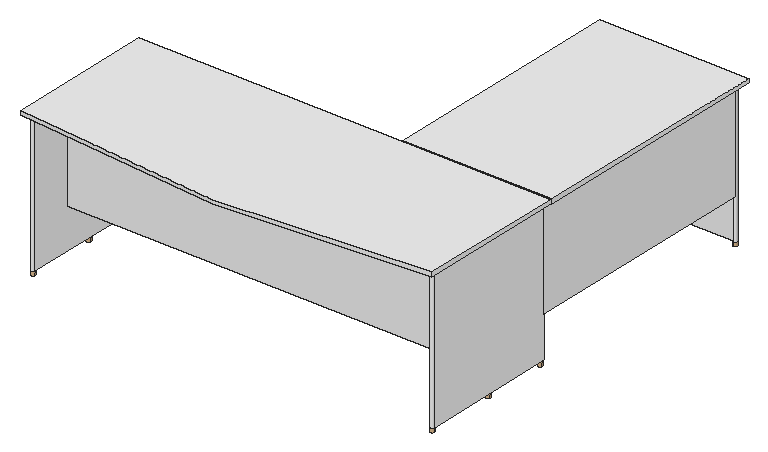
Revit family
Parameters (values of type "2000 x 2000")
  Model = ""
  Manufacturer = "Revit"
  Material Frame = Wood - Birch
  Material Desk = Metal - Chrome
  Keynote = "N"
  Description = "Desk"
  Assembly Code = "E2020200"
Reference planes
  plane 1 "Center (Front/Back)": y = 0
  plane 2: z = 0
  plane 3 "Center (Left/Right)": x = 0
  plane 4 "Top": z = 720
  plane 5: z = 700
  plane 6 "base": z = 20
  plane 7 "base1": z = 220
Forms (mm)
  Extrusion 1, solid, material "Metal - Chrome" <- "Material Desk"
    sketch origin (0, 0, 0) x (1, 0, 0) y (0, 1, 0)
      loop
        line (720, 1200) -> (0, 1200) -> (0, 5) -> (720, 5) -> (720, 1200)
      loop
        line (-1280, 0) -> (-1280, -720)
        arc (-1280, -720) -> (-280, -800) -> (720, -720) r 6290
        line (720, -720) -> (720, 0) -> (-1280, 0)
    from 700 to 720
  Extrusion 2, solid, material "Metal - Chrome" <- "Material Desk"
    sketch origin (0, 0, 20) x (0, -1, 0) y (1, 0, 0)
      loop
        line (15, -1260) -> (680, -1260)
        arc (680, -1260) -> (690, -1250) -> (680, -1240) r 10
        line (680, -1240) -> (15, -1240) -> (15, -1260)
      loop
        line (-1153.822, 21.11) -> (-1153.822, 686.11)
        arc (-1153.822, 686.11) -> (-1163.822, 696.11) -> (-1173.822, 686.11) r 10
        line (-1173.822, 686.11) -> (-1173.822, 21.11) -> (-1153.822, 21.11)
      loop
        line (15, 700) -> (15, 680) -> (680, 680)
        arc (680, 680) -> (690, 690) -> (680, 700) r 10
        line (680, 700) -> (15, 700)
    from 0 to 680
  Extrusion 3, solid, material "Metal - Chrome" <- "Material Desk"
    sketch origin (0, 0, 220) x (1, 0, 0) y (0, 1, 0)
      loop
        line (680, -15) -> (700, -15) -> (700, 1145) -> (680, 1145) -> (680, -15)
      loop
        line (-1240, -470) -> (-1240, -490) -> (680, -490) -> (680, -470) -> (-1240, -470)
    from 0 to 480
  Extrusion 4, solid, material "Wood - Birch" <- "Material Frame"
    sketch origin (0, 0, 220) x (1, 0, 0) y (0, 1, 0)
      loop
        circle (-1250, -26.581) r 10
      loop
        circle (-1250, -679.344) r 10
      loop
        circle (-1250, -341.581) r 10
      loop
        circle (690, -26.581) r 10
      loop
        circle (690, -679.344) r 10
      loop
        circle (690, -341.581) r 10
      loop
        circle (33.347, 1163.822) r 10
      loop
        circle (686.11, 1163.822) r 10
      loop
        circle (348.347, 1163.822) r 10
    from -220 to -200
Lines and regions (mm)
  Masking region 1
    outline origin (0, 0, 220) x (1, 0, 0) y (0, 1, 0)
      loop
        line (-1280, 0) -> (-1280, -720)
        arc (-1280, -720) -> (-280, -800) -> (720, -720) r 6290
        line (720, -720) -> (720, 1200) -> (0, 1200) -> (0, 0) -> (-1280, 0)
  symbolic lines
    curve 1: line (720, 1200, 0) -> (0, 1200, 0)
    curve 2: line (0, 1200, 0) -> (0, 0, 0)
    curve 3: line (0, 0, 0) -> (720, 0, 0)
    curve 4: line (720, 0, 0) -> (720, 1200, 0)
    curve 5: line (720, 0, 0) -> (-1280, 0, 0)
    curve 6: line (-1280, 0, 0) -> (-1280, -720, 0)
    curve 7: arc (-1280, -720, 0) -> (-280, -800, 0) -> (720, -720, 0) r 6290
    curve 8: line (720, -720, 0) -> (720, 0, 0)
Dimensions and locks
  locked: plane 4 "Top" to plane 5 at 20
  locked: Extrusion 2 sketch curve to Extrusion 2 sketch curve at 20  (x3)
  aligned and locked: Extrusion 1 to plane 4 "Top"
  aligned and locked: plane 5 to Extrusion 1
  aligned and locked: Extrusion 2 to Extrusion 1
  aligned and locked: Extrusion 3 to Extrusion 1
  aligned and locked: Extrusion 4 to plane 6 "base"
  aligned and locked: Masking region 1 sketch curve to Extrusion 1  (x6)
